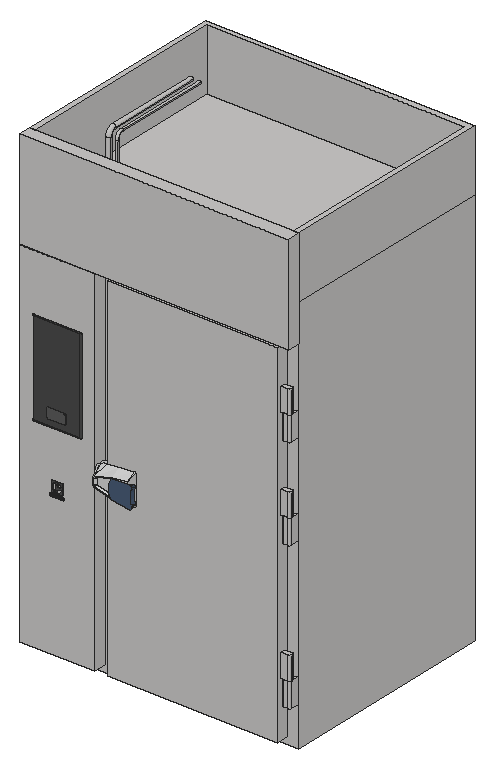
Revit family "QF_ELECTROLUXPROFESSIONAL_727758_EBFA22RQ", category Specialty Equipment, Revit 2018
Family settings
  Round Connector Dimension = Use Radius
  Part Type = Normal
  Work Plane-Based = No
  Always vertical = Yes
  Cut with Voids When Loaded = No
  Shared = Yes
  Room Calculation Point = No
Parameters
  Weight = 0.00 kg
  Watts = 0 W
  Volts = 208 V
  URL Manufacturer = "http://professional.electrolux.com"
  URL = "http://professional.electrolux.com"
  Steam Supply Size = 0"
  Steam Supply Minimum Pressure = 0.00 psi
  Steam Supply Maximum Pressure = 0.00 psi
  Steam Pounds per Hour = 0
  Show Logo [instance] = yes
  Refrigeration Suction Line Size = 0"
  Refrigeration Liquid Line Size = 0"
  Refrigerant Compressor Remote = yes
  Phase = 3
  Model = "EBFA22RQ"
  Manufacturer = "Electrolux"
  Length Actual = 1400 mm  # constant formula
  Item Number = "727758"
  Hot Water Size = 0"
  Height Actual = 2400 mm  # constant formula
  HP = "9 HP"
  Gas Size = 0"
  Gas KW = 0
  Gas Input Pressure = 0.0 Btu/h
  Direct Waste Size = 3/4"
  Description = "BCF 180KG 20GN2/1 LW REM 208/60 US-USB"
  Depth Actual = 1266 mm  # constant formula
  Cycle = 60 Hz
  Condensate Return Size = 0"
  Compressed Air Volume = 0 GPM
  Compressed Air Size = 0"
  Compressed Air Pressure = 0.00 psi
  Cold Water Size = 0"
  Assembly Code = ""
  Show Clearance [instance] = yes
  Accessory = yes
Reference planes
  plane 1 "BACK": y = 1
  plane 2: z = 0
  plane 3 "LEFT": x = 0
  plane 4 "RIGHT": x = 1400
  plane 5 "FRONT": y = -1205
  plane 6 "TOP": z = 2400
  plane 7 "Center Y": x = 700
  plane 8: y = -2155
  plane 9: y = -602
Forms (mm)
  Extrusion 1, solid, material "QF_Clearance", visible <- "Show Clearance", detail levels coarse
    sketch origin (0, 0, -70) x (1, 0, 0) y (0, 1, 0)
      loop
        line (0, -1205) -> (0, 1) -> (1400, 1) -> (1400, -1205) -> (1500, -1205) -> (1500, 101) -> (-100, 101) -> (-100, -1205) -> (0, -1205)
    from 70 to 2670
  Extrusion 2, solid, material "QF_Finishes_Stainless Steel"
    sketch origin (349.253, 33, 630.991) x (-1, 0, 0) y (0, -1, 0)
      loop
        line (349.253, 1172.759) -> (349.253, 1238) -> (-39.747, 1238) -> (-39.747, 1172.759) -> (349.253, 1172.759)
    from -597 to 1254
  Extrusion 3, solid, material "QF_Finishes_Stainless Steel"
    sketch origin (596.16, 27.971, -70) x (1, 0, 0) y (0, 1, 0)
      loop
        line (743.84, -1172.971) -> (-141.16, -1172.971) -> (-141.16, -1232.971) -> (743.84, -1232.971) -> (743.84, -1172.971)
    from 103.991 to 1945.25
  Extrusion 4, solid, material "QF_Door-Drawer Clearances", visible <- "Show Clearance", detail levels coarse
    sketch origin (875, -72.029, -91.802) x (-1, 0, 0) y (0, -1, 0)
      loop
        line (-465, 2025.971) -> (-465, 1132.971) -> (420, 1132.971)
        arc (420, 1132.971) -> (153.836, 1754.227) -> (-465, 2025.971) r 920
    from 125.793 to 1967.052
  Extrusion 5, solid, material "QF_Finishes_Stainless Steel"
    sketch origin (0, -1139.759, 0) x (0, 1, 0) y (-1, 0, 0)
      loop
        line (1140.759, 0) -> (0.759, 0) -> (0.759, -1400) -> (1140.759, -1400) -> (1140.759, 0)
    from 0 to 2080
  Extrusion 6, solid, material "QF_Finishes_Stainless Steel"
    sketch origin (0, 0, -70) x (0, 1, 0) y (0, 0, 1)
      loop
        line (-1139, 2470) -> (-1205, 2470) -> (-1205, 1956) -> (-1139, 1956) -> (-1139, 2470)
    from 0 to 1400
  Extrusion 7, solid, material "QF_Finishes_Stainless Steel"
    sketch origin (0, -1139.759, 2080) x (0, 1, 0) y (-1, 0, 0)
      loop
        line (1140.759, 0) -> (0.759, 0) -> (0.759, -27.807) -> (1112.952, -27.807) -> (1112.952, -1372.193) -> (0.759, -1372.193) -> (0.759, -1400) -> (1140.759, -1400) -> (1140.759, 0)
    from 0 to 320
  Extrusion 8, solid, material "QF_Clearance", visible <- "Show Clearance", detail levels coarse
    sketch origin (0, 0, 2400) x (-1, 0, 0) y (0, -1, 0)
      loop
        line (0, 1205) -> (-1400, 1205) -> (-1400, -1) -> (0, -1) -> (0, 1205)
    from 0 to 200
  Extrusion 9, solid, material "QF_Finishes_Stainless Steel"
    sketch origin (-390.239, -0.977, 1172.559) x (1, 0, 0) y (0, 1, 0)
      loop
        line (1730.239, -1159.557) -> (1730.239, -1186.759) -> (1771.078, -1186.759)
        arc (1771.078, -1186.759) -> (1778.149, -1183.83) -> (1781.078, -1176.759) r 10
        line (1781.078, -1176.759) -> (1781.078, -1169.557)
        arc (1781.078, -1169.557) -> (1778.149, -1162.486) -> (1771.078, -1159.557) r 10
        line (1771.078, -1159.557) -> (1730.239, -1159.557)
    from 398 to 516
  Extrusion 10, solid, material "QF_Finishes_Stainless Steel"
    sketch origin (-388.989, -0.977, 1172.559) x (1, 0, 0) y (0, 1, 0)
      loop
        line (1779.828, -1138.023) -> (1738.215, -1138.023) -> (1738.215, -1176.759)
        arc (1738.215, -1176.759) -> (1741.143, -1183.83) -> (1748.215, -1186.759) r 10
        line (1748.215, -1186.759) -> (1769.828, -1186.759)
        arc (1769.828, -1186.759) -> (1776.899, -1183.83) -> (1779.828, -1176.759) r 10
        line (1779.828, -1176.759) -> (1779.828, -1138.023)
    from 269 to 396
  Extrusion 11, solid, material "QF_Finishes_Handrails and Railings"
    sketch origin (0, -1205, -139.705) x (-1, 0, 0) y (0, 0, 1)
      loop
        arc (-455, 1022.346) -> (-433.392, 1027.289) -> (-413, 1035.976) r 124.815
        arc (-413, 1035.976) -> (-402.037, 1046.425) -> (-398, 1061.023) r 28.412
        line (-398, 1061.023) -> (-398, 1124.287)
        arc (-398, 1124.287) -> (-402.037, 1138.885) -> (-413, 1149.334) r 28.412
        arc (-413, 1149.334) -> (-433.392, 1158.021) -> (-455, 1162.964) r 124.815
        line (-455, 1162.964) -> (-455, 1022.346)
    from 0 to 25
  Extrusion 12, solid, material "QF_Finishes_Stainless Steel"
    sketch origin (0, 1, -70) x (1, 0, 0) y (0, 0, 1)
      loop
        circle (50.191, 2279.706) r 10
    from -2 to 0
  Extrusion 13, solid
    sketch origin (0, 0, -70) x (1, 0, 0) y (0, 1, 0)
      loop
        circle (271, -895) r 12.7
    from 180 to 190
  Sweep 14, solid, material "QF_Finishes_Stainless Steel"
    path in 3D
      loop
        line (196, -872.727, 2090) -> (196, -872.727, 2314.785)
        arc (196, -872.727, 2314.785) -> (196, -863.94, 2335.999) -> (196, -842.727, 2344.785) r 30
        line (196, -842.727, 2344.785) -> (196, -337, 2344.785)
    profile origin (196, -589.864, 2344.785) x (-1, 0, 0) y (0, 0, 1)
      loop
        circle (0, -0.785) r 11
  Sweep 15, solid, material "QF_Finishes_Stainless Steel"
    path in 3D
      loop
        line (239, -337, 2344) -> (239, -842.727, 2344)
        arc (239, -842.727, 2344) -> (239, -863.94, 2335.213) -> (239, -872.727, 2314) r 30
        line (239, -872.727, 2314) -> (239, -872.727, 2090)
    profile origin (239, -589.864, 2344) x (1, 0, 0) y (0, 0, 1)
      loop
        circle (0, 0) r 6
  Extrusion 16, solid, material "QF_Finishes_Stainless Steel"
    sketch origin (0, -1139.759, 2080) x (0, 1, 0) y (-1, 0, 0)
      loop
        line (272.791, -163.68) -> (262.791, -163.68)
        arc (262.791, -163.68) -> (252.185, -168.074) -> (247.791, -178.68) r 15
        line (247.791, -178.68) -> (247.791, -270.358)
        arc (247.791, -270.358) -> (252.185, -280.965) -> (262.791, -285.358) r 15
        line (262.791, -285.358) -> (272.791, -285.358)
        arc (272.791, -285.358) -> (283.398, -280.965) -> (287.791, -270.358) r 15
        line (287.791, -270.358) -> (287.791, -178.68)
        arc (287.791, -178.68) -> (283.398, -168.074) -> (272.791, -163.68) r 15
    from 0 to 10
  Blend 17, solid, material "QF_Finishes_Handrails and Railings"
    base sketch origin (0, -1205, -139.705) x (1, 0, 0) y (0, 0, 1)
      loop
        arc (455, 1162.964) -> (433.392, 1158.021) -> (413, 1149.334) r 124.815
        arc (413, 1149.334) -> (402.037, 1138.885) -> (398, 1124.287) r 28.412
        line (398, 1124.287) -> (398, 1061.023)
        arc (398, 1061.023) -> (402.037, 1046.425) -> (413, 1035.976) r 28.412
        arc (413, 1035.976) -> (433.392, 1027.289) -> (455, 1022.346) r 124.815
        arc (455, 1022.346) -> (524.77, 1014.896) -> (594.859, 1011.587) r 1185.63
        arc (594.859, 1011.587) -> (600.607, 1013.879) -> (603, 1019.586) r 8
        line (603, 1019.586) -> (603, 1165.724)
        arc (603, 1165.724) -> (600.607, 1171.431) -> (594.859, 1173.723) r 8
        arc (594.859, 1173.723) -> (524.77, 1170.414) -> (455, 1162.964) r 1185.63
    top sketch origin (0, -1205, -139.705) x (1, 0, 0) y (0, 0, 1)
      loop
        line (421, 1108.337) -> (421, 1076.973)
        arc (421, 1076.973) -> (423.295, 1069.915) -> (429.302, 1065.557) r 12
        arc (429.302, 1065.557) -> (515.086, 1044.22) -> (603, 1034.974) r 636.459
        line (603, 1034.974) -> (603, 1150.336)
        arc (603, 1150.336) -> (515.086, 1141.09) -> (429.302, 1119.753) r 636.459
        arc (429.302, 1119.753) -> (423.295, 1115.395) -> (421, 1108.337) r 12
    from 0 to 50
  Blend 18, void
    base sketch origin (0, -1255, -139.705) x (-1, 0, 0) y (0, 0, 1)
      loop
        arc (-430.843, 1114.996) -> (-515.866, 1136.151) -> (-603, 1145.333) r 631.459
        line (-603, 1145.333) -> (-603, 1039.977)
        arc (-603, 1039.977) -> (-515.866, 1049.159) -> (-430.843, 1070.314) r 631.459
        arc (-430.843, 1070.314) -> (-427.339, 1072.856) -> (-426, 1076.973) r 7
        line (-426, 1076.973) -> (-426, 1108.337)
        arc (-426, 1108.337) -> (-427.339, 1112.454) -> (-430.843, 1114.996) r 7
    top sketch origin (0, -1255, -139.705) x (-1, 0, 0) y (0, 0, 1)
      loop
        arc (-432.384, 1110.24) -> (-516.647, 1131.211) -> (-603, 1140.33) r 626.459
        line (-603, 1140.33) -> (-603, 1044.98)
        arc (-603, 1044.98) -> (-516.647, 1054.099) -> (-432.384, 1075.07) r 626.459
        arc (-432.384, 1075.07) -> (-431.382, 1075.797) -> (-431, 1076.973) r 2
        line (-431, 1076.973) -> (-431, 1108.337)
        arc (-431, 1108.337) -> (-431.382, 1109.513) -> (-432.384, 1110.24) r 2
    from 0 to 10
  Blend 19, solid, material "QF_Finishes_Electrolux_Blue"
    base sketch origin (0, -1245, -139.705) x (1, 0, 0) y (0, 0, 1)
      loop
        arc (628.567, 1043.419) -> (622.014, 1092.655) -> (628.567, 1141.89) r 188.232
        arc (628.567, 1141.89) -> (627.358, 1147.991) -> (621.77, 1150.721) r 7
        arc (621.77, 1150.721) -> (572.304, 1148.509) -> (523.16, 1142.458) r 636.459
        arc (523.16, 1142.458) -> (507.711, 1092.655) -> (523.16, 1042.852) r 88
        arc (523.16, 1042.852) -> (572.304, 1036.801) -> (621.77, 1034.589) r 636.459
        arc (621.77, 1034.589) -> (627.358, 1037.319) -> (628.567, 1043.419) r 7
    top sketch origin (0, -1245, -139.705) x (1, 0, 0) y (0, 0, 1)
      loop
        arc (626.748, 1050.703) -> (622.014, 1092.655) -> (626.748, 1134.607) r 188.232
        arc (626.748, 1134.607) -> (625.775, 1138.85) -> (621.845, 1140.722) r 5
        arc (621.845, 1140.722) -> (569.023, 1138.185) -> (516.603, 1131.203) r 626.459
        arc (516.603, 1131.203) -> (507.711, 1092.655) -> (516.603, 1054.107) r 88
        arc (516.603, 1054.107) -> (569.023, 1047.124) -> (621.845, 1044.588) r 626.459
        arc (621.845, 1044.588) -> (625.775, 1046.46) -> (626.748, 1050.703) r 5
    from 20 to 0
  Extrusion 20, solid, material "QF_Finishes_Stainless Steel"
    sketch origin (-390.239, -0.977, 692.559) x (1, 0, 0) y (0, 1, 0)
      loop
        line (1730.239, -1159.557) -> (1730.239, -1186.759) -> (1771.078, -1186.759)
        arc (1771.078, -1186.759) -> (1778.149, -1183.83) -> (1781.078, -1176.759) r 10
        line (1781.078, -1176.759) -> (1781.078, -1169.557)
        arc (1781.078, -1169.557) -> (1778.149, -1162.486) -> (1771.078, -1159.557) r 10
        line (1771.078, -1159.557) -> (1730.239, -1159.557)
    from 398 to 516
  Extrusion 21, solid, material "QF_Finishes_Stainless Steel"
    sketch origin (-388.989, -0.977, 692.559) x (1, 0, 0) y (0, 1, 0)
      loop
        line (1779.828, -1138.023) -> (1738.215, -1138.023) -> (1738.215, -1176.759)
        arc (1738.215, -1176.759) -> (1741.143, -1183.83) -> (1748.215, -1186.759) r 10
        line (1748.215, -1186.759) -> (1769.828, -1186.759)
        arc (1769.828, -1186.759) -> (1776.899, -1183.83) -> (1779.828, -1176.759) r 10
        line (1779.828, -1176.759) -> (1779.828, -1138.023)
    from 269 to 396
  Extrusion 22, solid, material "QF_Finishes_Stainless Steel"
    sketch origin (-390.239, -0.977, -67.441) x (1, 0, 0) y (0, 1, 0)
      loop
        line (1730.239, -1159.557) -> (1730.239, -1186.759) -> (1771.078, -1186.759)
        arc (1771.078, -1186.759) -> (1778.149, -1183.83) -> (1781.078, -1176.759) r 10
        line (1781.078, -1176.759) -> (1781.078, -1169.557)
        arc (1781.078, -1169.557) -> (1778.149, -1162.486) -> (1771.078, -1159.557) r 10
        line (1771.078, -1159.557) -> (1730.239, -1159.557)
    from 398 to 516
  Extrusion 23, solid, material "QF_Finishes_Stainless Steel"
    sketch origin (-388.989, -0.977, -67.441) x (1, 0, 0) y (0, 1, 0)
      loop
        line (1779.828, -1138.023) -> (1738.215, -1138.023) -> (1738.215, -1176.759)
        arc (1738.215, -1176.759) -> (1741.143, -1183.83) -> (1748.215, -1186.759) r 10
        line (1748.215, -1186.759) -> (1769.828, -1186.759)
        arc (1769.828, -1186.759) -> (1776.899, -1183.83) -> (1779.828, -1176.759) r 10
        line (1779.828, -1176.759) -> (1779.828, -1138.023)
    from 269 to 396
  Extrusion 24, solid, material "QF_Door-Drawer Clearances", visible <- "Show Clearance", detail levels coarse
    sketch origin (167.029, -1956.84, -70) x (0, 1, 0) y (-1, 0, 0)
      loop
        line (751.84, -1172.971) -> (-141.16, -1172.971) -> (-141.16, -1232.971) -> (751.84, -1232.971) -> (751.84, -1172.971)
    from 103.991 to 1945.25
  Extrusion 25, solid, material "QF_Door-Drawer Clearances", visible <- "Show Clearance", detail levels coarse
    sketch origin (1400, -2553, -139.705) x (0, -1, 0) y (0, 0, 1)
      loop
        arc (-455, 1022.346) -> (-433.392, 1027.289) -> (-413, 1035.976) r 124.815
        arc (-413, 1035.976) -> (-402.037, 1046.425) -> (-398, 1061.023) r 28.412
        line (-398, 1061.023) -> (-398, 1124.287)
        arc (-398, 1124.287) -> (-402.037, 1138.885) -> (-413, 1149.334) r 28.412
        arc (-413, 1149.334) -> (-433.392, 1158.021) -> (-455, 1162.964) r 124.815
        line (-455, 1162.964) -> (-455, 1022.346)
    from 0 to 25
  Blend 26, solid, material "QF_Door-Drawer Clearances", visible <- "Show Clearance", detail levels coarse
    base sketch origin (1400, -2553, -139.705) x (0, 1, 0) y (0, 0, 1)
      loop
        arc (455, 1162.964) -> (433.392, 1158.021) -> (413, 1149.334) r 124.815
        arc (413, 1149.334) -> (402.037, 1138.885) -> (398, 1124.287) r 28.412
        line (398, 1124.287) -> (398, 1061.023)
        arc (398, 1061.023) -> (402.037, 1046.425) -> (413, 1035.976) r 28.412
        arc (413, 1035.976) -> (433.392, 1027.289) -> (455, 1022.346) r 124.815
        arc (455, 1022.346) -> (524.77, 1014.896) -> (594.859, 1011.587) r 1185.63
        arc (594.859, 1011.587) -> (600.607, 1013.879) -> (603, 1019.586) r 8
        line (603, 1019.586) -> (603, 1165.724)
        arc (603, 1165.724) -> (600.607, 1171.431) -> (594.859, 1173.723) r 8
        arc (594.859, 1173.723) -> (524.77, 1170.414) -> (455, 1162.964) r 1185.63
    top sketch origin (1400, -2553, -139.705) x (0, 1, 0) y (0, 0, 1)
      loop
        line (421, 1108.337) -> (421, 1076.973)
        arc (421, 1076.973) -> (423.295, 1069.915) -> (429.302, 1065.557) r 12
        arc (429.302, 1065.557) -> (515.086, 1044.22) -> (603, 1034.974) r 636.459
        line (603, 1034.974) -> (603, 1150.336)
        arc (603, 1150.336) -> (515.086, 1141.09) -> (429.302, 1119.753) r 636.459
        arc (429.302, 1119.753) -> (423.295, 1115.395) -> (421, 1108.337) r 12
    from 0 to 50
  Blend 27, void
    base sketch origin (1450, -2553, -139.705) x (0, -1, 0) y (0, 0, 1)
      loop
        arc (-430.843, 1114.996) -> (-515.866, 1136.151) -> (-603, 1145.333) r 631.459
        line (-603, 1145.333) -> (-603, 1039.977)
        arc (-603, 1039.977) -> (-515.866, 1049.159) -> (-430.843, 1070.314) r 631.459
        arc (-430.843, 1070.314) -> (-427.339, 1072.856) -> (-426, 1076.973) r 7
        line (-426, 1076.973) -> (-426, 1108.337)
        arc (-426, 1108.337) -> (-427.339, 1112.454) -> (-430.843, 1114.996) r 7
    top sketch origin (1450, -2553, -139.705) x (0, -1, 0) y (0, 0, 1)
      loop
        arc (-432.384, 1110.24) -> (-516.647, 1131.211) -> (-603, 1140.33) r 626.459
        line (-603, 1140.33) -> (-603, 1044.98)
        arc (-603, 1044.98) -> (-516.647, 1054.099) -> (-432.384, 1075.07) r 626.459
        arc (-432.384, 1075.07) -> (-431.382, 1075.797) -> (-431, 1076.973) r 2
        line (-431, 1076.973) -> (-431, 1108.337)
        arc (-431, 1108.337) -> (-431.382, 1109.513) -> (-432.384, 1110.24) r 2
    from 0 to 10
  Blend 28, solid, material "QF_Door-Drawer Clearances", visible <- "Show Clearance", detail levels coarse
    base sketch origin (1440, -2553, -139.705) x (0, 1, 0) y (0, 0, 1)
      loop
        arc (628.567, 1043.419) -> (622.014, 1092.655) -> (628.567, 1141.89) r 188.232
        arc (628.567, 1141.89) -> (627.358, 1147.991) -> (621.77, 1150.721) r 7
        arc (621.77, 1150.721) -> (572.304, 1148.509) -> (523.16, 1142.458) r 636.459
        arc (523.16, 1142.458) -> (507.711, 1092.655) -> (523.16, 1042.852) r 88
        arc (523.16, 1042.852) -> (572.304, 1036.801) -> (621.77, 1034.589) r 636.459
        arc (621.77, 1034.589) -> (627.358, 1037.319) -> (628.567, 1043.419) r 7
    top sketch origin (1440, -2553, -139.705) x (0, 1, 0) y (0, 0, 1)
      loop
        arc (626.748, 1050.703) -> (622.014, 1092.655) -> (626.748, 1134.607) r 188.232
        arc (626.748, 1134.607) -> (625.775, 1138.85) -> (621.845, 1140.722) r 5
        arc (621.845, 1140.722) -> (569.023, 1138.185) -> (516.603, 1131.203) r 626.459
        arc (516.603, 1131.203) -> (507.711, 1092.655) -> (516.603, 1054.107) r 88
        arc (516.603, 1054.107) -> (569.023, 1047.124) -> (621.845, 1044.588) r 626.459
        arc (621.845, 1044.588) -> (625.775, 1046.46) -> (626.748, 1050.703) r 5
    from 20 to -1
Cuts and joins
  Blend 18 cuts Blend 17
  joined: Extrusion 11, Blend 17
  Blend 18 cuts Extrusion 4
  Blend 27 cuts Blend 26
  Blend 27 cuts Blend 28
  joined: Extrusion 4, Extrusion 24, Extrusion 25, Blend 26, Blend 28
  joined: Extrusion 7, Extrusion 12
  joined: Extrusion 5, Extrusion 10, Sweep 14, Sweep 15, Extrusion 16, Extrusion 21, Extrusion 23
  joined: Extrusion 3, Extrusion 9, Extrusion 20, Extrusion 22
  joined: Extrusion 1, Extrusion 8
Lines and regions (mm)
  symbolic lines, style "QF-Clearances", visible <- "Show Clearance", detail levels coarse
    curve 1: line (-100, -1204.241, 70) -> (-100, 101, 70)
    curve 2: line (-100, 101, 70) -> (1500, 101, 70)
    curve 3: line (1500, 101, 70) -> (1500, -1204.241, 70)
  symbolic lines
    curve 4: line (185, -336.968, 70) -> (207, -336.968, 70)
    curve 5: line (207, -336.968, 70) -> (207, -871.942, 70)
    curve 6: line (233, -872.727, 70) -> (233, -337, 70)
    curve 7: line (233, -337, 70) -> (245, -337, 70)
    curve 8: line (245, -337, 70) -> (245, -872.727, 70)
    curve 9: line (245, -851.968, 70) -> (270.358, -851.968, 70)
    curve 10: arc (285.358, -866.968, 70) -> (280.965, -856.361, 70) -> (270.358, -851.968, 70) r 15
    curve 11: line (285.358, -876.968, 70) -> (285.358, -866.968, 70)
    curve 12: arc (270.358, -891.968, 70) -> (280.965, -887.575, 70) -> (285.358, -876.968, 70) r 15
    curve 13: line (178.68, -891.968, 70) -> (270.358, -891.968, 70)
    curve 14: arc (163.68, -876.968, 70) -> (168.074, -887.575, 70) -> (178.68, -891.968, 70) r 15
    curve 15: line (163.68, -866.968, 70) -> (163.68, -876.968, 70)
    curve 16: arc (178.68, -851.968, 70) -> (168.074, -856.361, 70) -> (163.68, -866.968, 70) r 15
    curve 17: arc (207, -871.942, 70) -> (196, -882.942, 70) -> (185, -871.942, 70) r 11
    curve 18: arc (233, -872.727, 70) -> (239, -878.727, 70) -> (245, -872.727, 70) r 6
    curve 19: line (178.68, -851.968, 70) -> (185, -851.968, 70)
    curve 20: line (185, -336.968, 70) -> (185, -871.942, 70)
    curve 21: line (207, -851.968, 70) -> (233, -851.968, 70)
    curve 22: line (0, 1, 70) -> (1400, 1, 70)
    curve 23: line (0, -1205, 70) -> (0, 1, 70)
    curve 24: line (1400, -1205, 70) -> (0, -1205, 70)
    curve 25: line (1400, 1, 70) -> (1400, -1205, 70)
    curve 26: line (27.807, -26.807, 70) -> (1372.193, -26.807, 70)
    curve 27: line (27.807, -1139, 70) -> (27.807, -26.807, 70)
    curve 28: line (1400, -1139, 70) -> (0, -1139, 70)
    curve 29: line (1372.193, -26.807, 70) -> (1372.193, -1139, 70)
    curve 30: line (75.5, -1210, 70) -> (313.5, -1210, 70)
    curve 31: line (75.5, -1210, 70) -> (67.5, -1205, 70)
    curve 32: line (313.5, -1210, 70) -> (321.5, -1205, 70)
    curve 33: line (421, -1255, 70) -> (398, -1205, 70)
    curve 34: line (421, -1255, 70) -> (603, -1255, 70)
    curve 35: line (603, -1255, 70) -> (603, -1205, 70)
    curve 36: line (603, -1245, 70) -> (626.748, -1245, 70)
    curve 37: line (626.748, -1245, 70) -> (628.811, -1265, 70)
    curve 38: line (628.811, -1265, 70) -> (507.711, -1265, 70)
    curve 39: line (507.711, -1265, 70) -> (507.711, -1255, 70)
  symbolic lines, style "QF_Door-Drawer Clearances", visible <- "Show Clearance"
    curve 40: line (1450, -2132, 70) -> (1400, -2155, 70)
    curve 41: line (1450, -2132, 70) -> (1450, -1950, 70)
    curve 42: line (1450, -1950, 70) -> (1400, -1950, 70)
    curve 43: line (1439, -1950, 70) -> (1439, -1926.126, 70)
    curve 44: line (1439, -1926.126, 70) -> (1460, -1924.189, 70)
    curve 45: line (1460, -1924.189, 70) -> (1460, -2045.289, 70)
    curve 46: line (1460, -2045.289, 70) -> (1450, -2045.289, 70)
    curve 47: line (1375, -2098, 70) -> (1375, -2155, 70)
    curve 48: line (1340, -2098, 70) -> (1400, -2098, 70)
    curve 49: arc (457.796, -1255, 70) -> (739.031, -1843.801, 70) -> (1340, -2098, 70) r 920
    curve 50: line (1400, -2155, 70) -> (1375, -2155, 70)
    curve 51: line (1400, -2098, 70) -> (1400, -1205, 70)
    curve 58: line (1340, -2098, 70) -> (1340, -1205, 70)
  sketch lines
    curve 52: line (196, -842.727, 2344.785) -> (196, -337, 2344.785)
    curve 53: arc (196, -872.727, 2314.785) -> (196, -863.94, 2335.999) -> (196, -842.727, 2344.785) r 30
    curve 54: line (196, -872.727, 2090) -> (196, -872.727, 2314.785)
    curve 55: line (239, -337, 2344) -> (239, -842.727, 2344)
    curve 56: arc (239, -842.727, 2344) -> (239, -863.94, 2335.213) -> (239, -872.727, 2314) r 30
    curve 57: line (239, -872.727, 2314) -> (239, -872.727, 2090)
Dimensions and locks
  plane 5 "FRONT" to plane 1 "BACK" = 1206 mm
  plane 6 "TOP" to level = 2400 mm
  plane 4 "RIGHT" to plane 3 "LEFT" = 1400 mm
  plane 3 "LEFT" to plane 4 "RIGHT" = 1400 mm
  equal spacing: plane 3 "LEFT", plane 7 "Center Y", plane 4 "RIGHT"
  plane 1 "BACK" to plane 5 "FRONT" = 1206 mm
  aligned and locked: level to plane 2
Automatic sketch dimensions
  plane 5 "FRONT" to Extrusion 1 sketch curve = 0 mm  (x2)
  Extrusion 1 sketch curve to plane 3 "LEFT" = 0 mm
  plane 1 "BACK" to Extrusion 1 sketch curve = 0 mm
  Extrusion 1 sketch curve to plane 4 "RIGHT" = 0 mm
  Extrusion 1 sketch curve to plane 3 "LEFT" = 100 mm
  plane 4 "RIGHT" to Extrusion 1 sketch curve = 100 mm
  Extrusion 1 sketch curve to plane 1 "BACK" = 100 mm
  plane 5 "FRONT" to Extrusion 2 sketch curve = 0 mm
  Extrusion 2 sketch curve to plane 3 "LEFT" = 0 mm
  Extrusion 2 sketch curve to plane 5 "FRONT" = 65.241 mm
  plane 5 "FRONT" to Extrusion 3 sketch curve = 0 mm
  Extrusion 3 sketch curve to plane 5 "FRONT" = 60 mm
  Extrusion 3 sketch curve to plane 4 "RIGHT" = 60 mm
  plane 5 "FRONT" to Extrusion 4 sketch curve = 0 mm
  Extrusion 4 sketch curve to plane 4 "RIGHT" = 25.377 mm
  Extrusion 4 sketch curve to Extrusion 4 sketch curve = 34.623 mm
  Extrusion 4 sketch curve to plane 5 "FRONT" = 26.348 mm
  Extrusion 5 sketch curve to plane 3 "LEFT" = 0 mm
  Extrusion 5 sketch curve to plane 4 "RIGHT" = 0 mm
  plane 1 "BACK" to Extrusion 5 sketch curve = 0 mm
  Extrusion 5 sketch curve to plane 5 "FRONT" = 66 mm
  Extrusion 6 sketch curve to plane 5 "FRONT" = 0 mm
  Extrusion 6 sketch curve to plane 5 "FRONT" = 66 mm
  Extrusion 6 sketch curve to plane 6 "TOP" = 514 mm
  plane 6 "TOP" to Extrusion 6 sketch curve = 0 mm
  Extrusion 5 to Extrusion 7 sketch curve = 0 mm
  Extrusion 7 sketch curve to Extrusion 5 = 0 mm  (x4)
  Extrusion 7 sketch curve to Extrusion 5 = 27.807 mm  (x3)
  Extrusion 8 sketch curve to plane 4 "RIGHT" = 0 mm
  plane 1 "BACK" to Extrusion 8 sketch curve = 0 mm
  Extrusion 8 sketch curve to plane 3 "LEFT" = 0 mm
  plane 5 "FRONT" to Extrusion 8 sketch curve = 0 mm
  Extrusion 9 sketch curve to plane 5 "FRONT" = 17.264 mm
  Extrusion 9 sketch curve to plane 4 "RIGHT" = 60 mm
  Extrusion 9 sketch curve to plane 4 "RIGHT" = 19.161 mm
  Extrusion 9 sketch curve to Extrusion 9 sketch curve = 0 mm
  Extrusion 9 sketch curve to plane 4 "RIGHT" = 9.161 mm
  Extrusion 9 sketch curve to Extrusion 9 sketch curve = 7.202 mm
  Extrusion 10 sketch curve to plane 5 "FRONT" = 27.264 mm
  Extrusion 10 sketch curve to plane 4 "RIGHT" = 50.775 mm
  Extrusion 10 sketch curve to Extrusion 10 sketch curve = 10 mm
  Extrusion 10 sketch curve to plane 4 "RIGHT" = 19.161 mm
  Extrusion 10 sketch curve to plane 4 "RIGHT" = 9.161 mm
  Extrusion 10 sketch curve to Extrusion 10 sketch curve = 38.736 mm
  plane 7 "Center Y" to Extrusion 11 sketch curve = 228.081 mm
  Extrusion 11 sketch curve to Extrusion 11 sketch curve = 0 mm
  Extrusion 11 sketch curve to Extrusion 11 sketch curve = 16.919 mm
  Extrusion 11 sketch curve to Extrusion 11 sketch curve = 28.588 mm  (x2)
  Extrusion 11 sketch curve to Extrusion 11 sketch curve = 28.412 mm
  level to Extrusion 11 sketch curve = 882.641 mm
  Extrusion 11 sketch curve to Extrusion 11 sketch curve = 16.954 mm  (x2)
  Extrusion 11 sketch curve to Extrusion 11 sketch curve = 38.676 mm
  Extrusion 11 sketch curve to Extrusion 11 sketch curve = 63.265 mm
  Extrusion 11 sketch curve to Extrusion 11 sketch curve = 21.722 mm
  plane 3 "LEFT" to Extrusion 12 sketch curve = 50.191 mm
  Extrusion 12 sketch curve to plane 6 "TOP" = 190.294 mm
  Extrusion 13 sketch curve to plane 9 = 293 mm
  Sweep 14 sketch curve to profile plane = 0 mm
  Sweep 14 sketch curve to profile plane = 0.785 mm
  profile plane to Sweep 15 sketch curve = 0 mm
  Sweep 15 sketch curve to profile plane = 0 mm
  Extrusion 16 sketch curve to Extrusion 5 = 247.032 mm
  Extrusion 16 sketch curve to Extrusion 16 sketch curve = 15 mm  (x3)
  Extrusion 16 sketch curve to Extrusion 16 sketch curve = 10 mm  (x2)
  Extrusion 16 sketch curve to Extrusion 5 = 285.358 mm
  Extrusion 16 sketch curve to Extrusion 16 sketch curve = 91.678 mm
  Blend 17 sketch curve to Extrusion 11 = 0 mm  (x4)
  Blend 17 sketch curve to Extrusion 11 = 28.412 mm
  Blend 17 sketch curve to Blend 17 sketch curve = 123.081 mm  (x2)
  Blend 17 sketch curve to Blend 17 sketch curve = 8 mm
  Extrusion 11 to Blend 17 sketch curve = 160.712 mm  (x2)
  Blend 17 sketch curve to Blend 17 sketch curve = 19.715 mm  (x2)
  Blend 17 sketch curve to Blend 17 sketch curve = 38.676 mm
  Blend 17 sketch curve to Extrusion 11 = 23 mm
  Blend 17 sketch curve to Blend 17 sketch curve = 12 mm  (x2)
  Extrusion 11 to Blend 17 sketch curve = 148 mm
  Extrusion 11 to Blend 17 sketch curve = 170.45 mm  (x2)
  Blend 17 sketch curve to Blend 17 sketch curve = 520.701 mm  (x2)
  Blend 17 sketch curve to Blend 17 sketch curve = 41.999 mm
  Blend 17 sketch curve to Blend 17 sketch curve = 31.364 mm
  Blend 17 sketch curve to Blend 17 sketch curve = 115.362 mm
  Blend 17 to Blend 18 sketch curve = 0 mm  (x2)
  Blend 18 sketch curve to Blend 18 sketch curve = 7 mm
  Blend 18 sketch curve to Blend 18 sketch curve = 31.364 mm  (x2)
  Blend 18 sketch curve to Blend 18 sketch curve = 2 mm
  Blend 18 to Blend 19 sketch curve = 18.811 mm  (x2)
  Blend 19 sketch curve to Blend 18 = 7.289 mm  (x2)
  Blend 19 sketch curve to Blend 19 sketch curve = 188.435 mm
  Blend 19 sketch curve to Blend 19 sketch curve = 7 mm  (x2)
  Blend 19 sketch curve to Blend 19 sketch curve = 51.066 mm  (x2)
  Blend 19 sketch curve to Blend 19 sketch curve = 0 mm  (x6)
  Blend 19 sketch curve to Blend 18 = 79.84 mm
  Blend 18 to Blend 19 sketch curve = 18.874 mm  (x2)
  Blend 19 sketch curve to Blend 19 sketch curve = 188.371 mm
  Blend 19 sketch curve to Blend 19 sketch curve = 5 mm  (x2)
  Blend 19 sketch curve to Blend 19 sketch curve = 43.067 mm  (x2)
  Blend 19 sketch curve to Blend 18 = 85.603 mm
  Extrusion 20 sketch curve to plane 5 "FRONT" = 17.264 mm
  Extrusion 20 sketch curve to plane 4 "RIGHT" = 60 mm
  Extrusion 20 sketch curve to plane 4 "RIGHT" = 19.161 mm
  Extrusion 20 sketch curve to Extrusion 20 sketch curve = 0 mm
  Extrusion 20 sketch curve to plane 4 "RIGHT" = 9.161 mm
  Extrusion 20 sketch curve to Extrusion 20 sketch curve = 7.202 mm
  Extrusion 21 sketch curve to plane 5 "FRONT" = 27.264 mm
  Extrusion 21 sketch curve to plane 4 "RIGHT" = 50.775 mm
  Extrusion 21 sketch curve to Extrusion 21 sketch curve = 10 mm
  Extrusion 21 sketch curve to plane 4 "RIGHT" = 19.161 mm
  Extrusion 21 sketch curve to plane 4 "RIGHT" = 9.161 mm
  Extrusion 21 sketch curve to Extrusion 21 sketch curve = 38.736 mm
  Extrusion 22 sketch curve to plane 5 "FRONT" = 17.264 mm
  Extrusion 22 sketch curve to plane 4 "RIGHT" = 60 mm
  Extrusion 22 sketch curve to plane 4 "RIGHT" = 19.161 mm
  Extrusion 22 sketch curve to Extrusion 22 sketch curve = 0 mm
  Extrusion 22 sketch curve to plane 4 "RIGHT" = 9.161 mm
  Extrusion 22 sketch curve to Extrusion 22 sketch curve = 7.202 mm
  Extrusion 23 sketch curve to plane 5 "FRONT" = 27.264 mm
  Extrusion 23 sketch curve to plane 4 "RIGHT" = 50.775 mm
  Extrusion 23 sketch curve to Extrusion 23 sketch curve = 10 mm
  Extrusion 23 sketch curve to plane 4 "RIGHT" = 19.161 mm
  Extrusion 23 sketch curve to plane 4 "RIGHT" = 9.161 mm
  Extrusion 23 sketch curve to Extrusion 23 sketch curve = 38.736 mm
  Extrusion 24 sketch curve to plane 4 "RIGHT" = 0 mm
  plane 5 "FRONT" to Extrusion 24 sketch curve = 0 mm
  Extrusion 24 sketch curve to plane 8 = 57 mm
  Extrusion 24 sketch curve to plane 4 "RIGHT" = 60 mm
  Extrusion 25 sketch curve to plane 8 = 0 mm
  Extrusion 25 sketch curve to Extrusion 25 sketch curve = 28.412 mm  (x2)
  Extrusion 25 sketch curve to Extrusion 25 sketch curve = 28.588 mm
  Extrusion 25 sketch curve to Extrusion 25 sketch curve = 16.919 mm  (x2)
  level to Extrusion 25 sketch curve = 882.641 mm
  Extrusion 25 sketch curve to Extrusion 25 sketch curve = 16.954 mm  (x2)
  Extrusion 25 sketch curve to Extrusion 25 sketch curve = 38.676 mm
  Extrusion 25 sketch curve to Extrusion 25 sketch curve = 63.265 mm
  Extrusion 25 sketch curve to Extrusion 25 sketch curve = 21.722 mm
  Blend 26 sketch curve to Extrusion 25 = 0 mm  (x4)
  Blend 26 sketch curve to Extrusion 25 = 28.412 mm
  Blend 26 sketch curve to Blend 26 sketch curve = 123.081 mm  (x2)
  Blend 26 sketch curve to Blend 26 sketch curve = 8 mm
  Extrusion 25 to Blend 26 sketch curve = 160.712 mm  (x2)
  Blend 26 sketch curve to Blend 26 sketch curve = 19.715 mm  (x2)
  Blend 26 sketch curve to Blend 26 sketch curve = 38.676 mm
  Blend 26 sketch curve to Extrusion 25 = 23 mm
  Blend 26 sketch curve to Blend 26 sketch curve = 12 mm  (x2)
  Extrusion 25 to Blend 26 sketch curve = 148 mm
  Extrusion 25 to Blend 26 sketch curve = 170.45 mm  (x2)
  Blend 26 sketch curve to Blend 26 sketch curve = 520.701 mm  (x2)
  Blend 26 sketch curve to Blend 26 sketch curve = 41.999 mm
  Blend 26 sketch curve to Blend 26 sketch curve = 31.364 mm
  Blend 26 sketch curve to Blend 26 sketch curve = 115.362 mm
  Blend 27 sketch curve to Blend 26 = 0 mm  (x2)
  Blend 27 sketch curve to Blend 27 sketch curve = 7 mm
  Blend 27 sketch curve to Blend 27 sketch curve = 31.364 mm  (x2)
  Blend 27 sketch curve to Blend 27 sketch curve = 2 mm
  Blend 27 to Blend 28 sketch curve = 18.811 mm  (x2)
  Blend 28 sketch curve to Blend 27 = 7.289 mm  (x2)
  Blend 28 sketch curve to Blend 28 sketch curve = 188.435 mm
  Blend 28 sketch curve to Blend 28 sketch curve = 7 mm  (x2)
  Blend 28 sketch curve to Blend 28 sketch curve = 51.066 mm  (x2)
  Blend 28 sketch curve to Blend 28 sketch curve = 0 mm  (x6)
  Blend 28 sketch curve to Blend 27 = 79.84 mm
  Blend 27 to Blend 28 sketch curve = 18.874 mm  (x2)
  Blend 28 sketch curve to Blend 28 sketch curve = 188.371 mm
  Blend 28 sketch curve to Blend 28 sketch curve = 5 mm  (x2)
  Blend 28 sketch curve to Blend 28 sketch curve = 43.067 mm  (x2)
  Blend 28 sketch curve to Blend 27 = 85.603 mm
  plane 7 "Center Y" to Extrusion 2 sketch curve = 311 mm
  plane 7 "Center Y" to Extrusion 3 sketch curve = 245 mm
  plane 7 "Center Y" to Extrusion 4 sketch curve = 245 mm
  plane 3 "LEFT" to Extrusion 13 sketch curve = 271 mm
  plane 8 to curve 47 = 0 mm
  curve 42 to plane 4 "RIGHT" = 0 mm
  plane 5 "FRONT" to curve 33 = 0 mm
  curve 28 to plane 3 "LEFT" = 0 mm
  plane 1 "BACK" to curve 22 = 0 mm
  curve 50 to plane 4 "RIGHT" = 0 mm
  curve 41 to plane 8 = 23 mm
  curve 48 to plane 8 = 57 mm
  curve 48 to curve 46 = 52.711 mm
  curve 46 to curve 41 = 95.289 mm
  plane 4 "RIGHT" to curve 44 = 39 mm
  curve 43 to curve 44 = 23.874 mm
  curve 43 to curve 45 = 1.937 mm
  plane 5 "FRONT" to curve 37 = 60 mm
  plane 5 "FRONT" to curve 34 = 50 mm
  curve 37 to curve 37 = 20 mm
  plane 5 "FRONT" to curve 30 = 5 mm
  curve 49 to plane 5 "FRONT" = 26.348 mm
  plane 3 "LEFT" to curve 13 = 178.68 mm
  curve 13 to plane 9 = 289.968 mm
  curve 13 to curve 14 = 15 mm
  curve 12 to curve 11 = 15 mm
  curve 12 to curve 18 = 4.241 mm
  curve 14 to curve 17 = 5.026 mm
  curve 14 to curve 15 = 10 mm
  curve 12 to curve 11 = 10 mm
  curve 10 to curve 9 = 15 mm
  curve 16 to curve 19 = 15 mm
  plane 9 to curve 7 = 265 mm
  curve 6 to curve 5 = 0.032 mm
  plane 1 "BACK" to curve 26 = 27.807 mm
  curve 2 to plane 1 "BACK" = 100 mm
  curve 42 to curve 43 = 11 mm
  curve 45 to curve 43 = 21 mm
  plane 4 "RIGHT" to curve 2 = 100 mm
  curve 40 to curve 47 = 25 mm
  curve 49 to plane 4 "RIGHT" = 25.377 mm
  curve 29 to plane 4 "RIGHT" = 27.807 mm
  curve 47 to curve 48 = 35 mm
  plane 7 "Center Y" to curve 37 = 71.189 mm
  curve 37 to curve 36 = 2.062 mm
  curve 36 to curve 34 = 23.748 mm
  curve 39 to curve 49 = 49.915 mm
  curve 49 to curve 33 = 36.796 mm
  curve 33 to curve 30 = 107.5 mm
  curve 11 to curve 16 = 106.678 mm
  curve 12 to curve 8 = 25.358 mm
  curve 8 to curve 18 = 6 mm
  curve 6 to curve 4 = 26 mm
  curve 5 to curve 17 = 11 mm
  plane 3 "LEFT" to curve 30 = 75.5 mm
  plane 3 "LEFT" to curve 27 = 27.807 mm
  curve 1 to plane 3 "LEFT" = 100 mm
  curve 3 to plane 5 "FRONT" = 0.759 mm
  curve 1 to plane 5 "FRONT" = 0.759 mm
  curve 49 to curve 29 = 39.652 mm
  curve 17 to curve 21 = 19.974 mm
  curve 33 to curve 33 = 23 mm
  curve 32 to curve 30 = 8 mm
  curve 30 to curve 31 = 8 mm
  radius of Extrusion 12 sketch curve = 10 mm
  radius of Extrusion 13 sketch curve = 12.7 mm
  radius of Sweep 14 sketch curve = 11 mm
  radius of Sweep 15 sketch curve = 6 mm
  radius of Blend 17 sketch curve to Extrusion 11 = 0 mm  (x3)
  radius of Blend 18 sketch curve to Blend 17 = 5 mm  (x3)
  radius of Blend 18 sketch curve to Blend 17 = 10 mm  (x3)
  radius of Blend 18 to Blend 19 sketch curve = 10 mm  (x2)
  radius of Blend 19 sketch curve to Blend 18 = 0 mm  (x2)
  radius of Blend 26 sketch curve to Extrusion 25 = 0 mm  (x3)
  radius of Blend 27 sketch curve to Blend 26 = 5 mm  (x3)
  radius of Blend 27 sketch curve to Blend 26 = 10 mm  (x3)
  radius of Blend 27 to Blend 28 sketch curve = 10 mm  (x2)
  radius of Blend 28 sketch curve to Blend 27 = 0 mm  (x2)
Nested families
  nested 1: "ELX_Touch" at (194.5, -1205, 1338.103) x (1, 0, 0) z (0, -1, 0), type "ELX_Touch"
  nested 2: "ELX_Logo_S_New" at (194.5, -1205, 779.103) x (1, 0, 0) z (0, -1, 0), visible <- "Show Logo", type "ELX_Logo_S_New"
    with M QF_Finishes_Black
  nested 3: "ELX_Logo_Symbol" at (194.5, -1205, 819.103) x (1, 0, 0) z (0, -1, 0), visible <- "Show Logo", type "ELX_Logo_Symbol"
    with M QF_Finishes_Black
Connectors
  piping at (271, -895, 110), diameter 25.4
    settings: on Extrusion 13, index 5, connector inside diameter 24", connector length 0 mm, flow factor 0, pipe flow 0 GPM, pressure drop 0.00 psi, fitting loss kfactor 0, connector angle 0.00°, fixture units 0, engagement length 0 mm, angle of deflection 0.00°, flow configuration 1, flow direction 2, fitting loss method 0, system type 16, joint type 0, gender type 0, connector reference index -1, connector utility 0, adjustable connector no, is connector primary yes, connector description "Drain"
  electrical at (50.191, 3, 2209.706), driven by "Volts"
    settings: on Extrusion 12, index 6, voltage 208 V, apparent load 0 VA, apparent load phase1 0 VA, apparent load phase2 0 VA, apparent load phase3 0 VA, power factor 1, load classification "Altro", number of poles 1, system type 30, power factor state 1, is connector primary yes, connector utility no, sub classification motor no, connector description "Electrical Connection"
  piping at (239, -337, 2344), diameter 12
    settings: on Sweep 15, index 7, connector inside diameter 24", connector length 0 mm, flow factor 0, pipe flow 0 GPM, pressure drop 0.00 psi, fitting loss kfactor 0, connector angle 0.00°, fixture units 0, engagement length 0 mm, angle of deflection 0.00°, flow configuration 1, flow direction 1, fitting loss method 0, system type 8, joint type 0, gender type 0, connector reference index -1, connector utility 0, adjustable connector no, is connector primary no, connector description "Refrigerant Outlet"
  piping at (196, -337, 2344), diameter 22
    settings: on Sweep 14, index 8, connector inside diameter 24", connector length 0 mm, flow factor 0, pipe flow 0 GPM, pressure drop 0.00 psi, fitting loss kfactor 0, connector angle 0.00°, fixture units 0, engagement length 0 mm, angle of deflection 0.00°, flow configuration 1, flow direction 1, fitting loss method 0, system type 7, joint type 0, gender type 0, connector reference index -1, connector utility 0, adjustable connector no, is connector primary no, connector description "Refrigerant Inlet"
Definition of nested family "ELX_Touch"
  Parameters
    Default Elevation = 1219.2 mm
  Reference planes
    plane 1 "Centro (Fronte/Retro)": y = 0
    plane 2: z = 0
    plane 3 "Centro (Sinistra/Destra)": x = 0
  Forms (mm)
    Extrusion 1, solid
      sketch origin (0, 0, 0) x (1, 0, 0) y (0, 1, 0)
        loop
          line (-1219.2, 1219.2) -> (-1219.2, -1219.2) -> (1219.2, -1219.2) -> (1219.2, 1219.2) -> (-1219.2, 1219.2)
      from 0 to -304.8
    Extrusion 2, solid
      sketch origin (0, 0, 5) x (1, 0, 0) y (0, 1, 0)
        loop
          line (-47, -160) -> (-47, -202)
          arc (-47, -202) -> (-45.536, -205.535) -> (-42, -207) r 5
          line (-42, -207) -> (42, -207)
          arc (42, -207) -> (45.536, -205.535) -> (47, -202) r 5
          line (47, -202) -> (47, -160)
          arc (47, -160) -> (45.536, -156.465) -> (42, -155) r 5
          line (42, -155) -> (-42, -155)
          arc (-42, -155) -> (-45.536, -156.465) -> (-47, -160) r 5
      from 0 to 2
    Blend 3, solid
      base sketch origin (0, 0, 0) x (1, 0, 0) y (0, 1, 0)
        loop
          line (-127, 244) -> (-127, -244)
          arc (-127, -244) -> (-125.536, -247.536) -> (-122, -249) r 5
          line (-122, -249) -> (122, -249)
          arc (122, -249) -> (125.536, -247.536) -> (127, -244) r 5
          line (127, -244) -> (127, 244)
          arc (127, 244) -> (125.536, 247.536) -> (122, 249) r 5
          line (122, 249) -> (-122, 249)
          arc (-122, 249) -> (-125.536, 247.536) -> (-127, 244) r 5
      top sketch origin (0, 0, 0) x (1, 0, 0) y (0, 1, 0)
        loop
          line (-119, -241) -> (119, -241) -> (119, 241) -> (-119, 241) -> (-119, -241)
      from 0 to 5
  Lines and regions (mm)
    Split face 1
      outline origin (0, 0, 5) x (1, 0, 0) y (0, 1, 0)
        loop
          line (-70.506, 46.167) -> (70.506, 46.167) -> (70.506, 214.829) -> (-70.506, 214.829) -> (-70.506, 46.167)
    Split face 2
      outline origin (0, 0, 5) x (1, 0, 0) y (0, 1, 0)
        loop
          line (-47.467, 50.825) -> (47.467, 50.825) -> (47.467, 210.171) -> (-47.467, 210.171) -> (-47.467, 50.825)
    Split face 3
      outline origin (0, 0, 5) x (1, 0, 0) y (0, 1, 0)
        loop
          line (-70.521, -215.33) -> (70.521, -215.33) -> (70.521, -146.67) -> (-70.521, -146.67) -> (-70.521, -215.33)
    Split face 4
      outline origin (0, 0, 5) x (1, 0, 0) y (0, 1, 0)
        loop
          line (-119, 201.163) -> (-70.506, 201.163)
        loop
          line (70.506, 201.163) -> (119, 201.163)
        loop
          line (70.521, -200.849) -> (119, -200.849)
        loop
          line (-119, -200.849) -> (-70.521, -200.849)
  Dimensions and locks
    aligned and locked: plane 2 to Extrusion 1
    aligned and locked: level to Extrusion 1
Definition of nested family "ELX_Logo_S_New"
  Parameters
    Default Elevation = 0 mm
    M [instance] = none
  Reference planes
    plane 1 "Centro (Fronte/Retro)": y = 0
    plane 2: z = 0
    plane 3 "Centro (Sinistra/Destra)": x = 0
  Forms (mm)
    Extrusion 1, solid
      sketch origin (0, 0, 0) x (1, 0, 0) y (0, 1, 0)
        loop
          line (-1219.2, 1219.2) -> (-1219.2, -1219.2) -> (1219.2, -1219.2) -> (1219.2, 1219.2) -> (-1219.2, 1219.2)
      from 0 to -304.8
    Extrusion 2, solid, material <- "M"
      sketch origin (0, 0, 0) x (1, 0, 0) y (0, 1, 0)
        loop
          spline (-32.537, -4.135) -> (-32.702, -4.128) -> (-32.877, -4.105) -> (-33.059, -4.064) -> (-33.242, -4.002) -> (-33.422, -3.916) -> (-33.593, -3.803) -> (-33.751, -3.66) -> (-33.891, -3.486) -> (-34.008, -3.276) -> (-34.098, -3.029) -> (-34.155, -2.741) -> (-34.176, -2.41)
          line (-34.176, -2.41) -> (-34.176, -0.943) -> (-29.331, -0.943) -> (-29.331, 0.928) -> (-34.176, 0.928) -> (-34.176, 3.652) -> (-29.023, 3.652) -> (-29.023, 5.518) -> (-36.159, 5.518) -> (-36.159, -2.326)
          spline (-36.159, -2.326) -> (-36.142, -2.808) -> (-36.088, -3.263) -> (-35.996, -3.688) -> (-35.867, -4.083) -> (-35.698, -4.445) -> (-35.489, -4.773) -> (-35.239, -5.066) -> (-34.946, -5.322) -> (-34.61, -5.539) -> (-34.23, -5.716) -> (-33.804, -5.851) -> (-33.332, -5.943)
          line (-33.332, -5.943) -> (-32.554, -5.999) -> (-28.885, -5.999) -> (-28.885, -4.135) -> (-32.537, -4.135)
        loop
          line (-27.476, 0.076) -> (-27.476, -6.002) -> (-25.492, -6.002) -> (-25.492, 5.521) -> (-27.476, 5.521) -> (-27.476, 0.076)
        loop
          spline (-15.702, -2.321) -> (-15.689, -1.697) -> (-15.749, -1.094) -> (-15.879, -0.516) -> (-16.078, 0.029) -> (-16.341, 0.538) -> (-16.668, 1.004) -> (-17.055, 1.422) -> (-17.5, 1.786) -> (-17.999, 2.091) -> (-18.552, 2.331) -> (-19.154, 2.5) -> (-19.804, 2.594)
          spline (-19.804, 2.594) -> (-20.422, 2.558) -> (-21.009, 2.453) -> (-21.56, 2.28) -> (-22.072, 2.042) -> (-22.54, 1.743) -> (-22.96, 1.385) -> (-23.327, 0.97) -> (-23.638, 0.502) -> (-23.887, -0.018) -> (-24.07, -0.586) -> (-24.183, -1.2) -> (-24.222, -1.857)
          spline (-24.222, -1.857) -> (-24.184, -2.498) -> (-24.074, -3.097) -> (-23.895, -3.652) -> (-23.651, -4.16) -> (-23.344, -4.618) -> (-22.979, -5.023) -> (-22.559, -5.374) -> (-22.087, -5.667) -> (-21.567, -5.899) -> (-21.003, -6.068) -> (-20.397, -6.172) -> (-19.754, -6.207)
          spline (-19.754, -6.207) -> (-19.44, -6.2) -> (-19.13, -6.176) -> (-18.823, -6.135) -> (-18.52, -6.074) -> (-18.221, -5.993) -> (-17.925, -5.89) -> (-17.634, -5.762) -> (-17.346, -5.609) -> (-17.062, -5.43) -> (-16.782, -5.221) -> (-16.506, -4.983) -> (-16.234, -4.713)
          line (-16.234, -4.713) -> (-17.429, -3.55)
          spline (-17.429, -3.55) -> (-17.587, -3.702) -> (-17.745, -3.841) -> (-17.906, -3.967) -> (-18.07, -4.08) -> (-18.239, -4.181) -> (-18.415, -4.268) -> (-18.599, -4.343) -> (-18.792, -4.404) -> (-18.996, -4.452) -> (-19.213, -4.486) -> (-19.443, -4.506) -> (-19.688, -4.513)
          spline (-19.688, -4.513) -> (-20.047, -4.496) -> (-20.383, -4.443) -> (-20.696, -4.358) -> (-20.984, -4.24) -> (-21.246, -4.092) -> (-21.479, -3.915) -> (-21.683, -3.711) -> (-21.856, -3.48) -> (-21.997, -3.224) -> (-22.104, -2.945) -> (-22.176, -2.643) -> (-22.212, -2.321)
          line (-22.212, -2.321) -> (-15.702, -2.321)
        loop
          spline (-17.695, -0.926) -> (-17.714, -0.681) -> (-17.771, -0.445) -> (-17.861, -0.221) -> (-17.984, -0.01) -> (-18.135, 0.184) -> (-18.314, 0.36) -> (-18.516, 0.516) -> (-18.741, 0.648) -> (-18.984, 0.755) -> (-19.244, 0.834) -> (-19.518, 0.883) -> (-19.804, 0.9)
          spline (-19.804, 0.9) -> (-20.11, 0.884) -> (-20.405, 0.835) -> (-20.686, 0.757) -> (-20.95, 0.652) -> (-21.195, 0.521) -> (-21.419, 0.367) -> (-21.618, 0.192) -> (-21.79, -0.003) -> (-21.934, -0.214) -> (-22.045, -0.439) -> (-22.122, -0.678) -> (-22.162, -0.926)
          line (-22.162, -0.926) -> (-17.695, -0.926)
        loop
          spline (-12.669, -1.807) -> (-12.646, -1.438) -> (-12.58, -1.088) -> (-12.472, -0.759) -> (-12.326, -0.455) -> (-12.145, -0.177) -> (-11.93, 0.072) -> (-11.685, 0.289) -> (-11.412, 0.473) -> (-11.114, 0.62) -> (-10.793, 0.728) -> (-10.453, 0.794) -> (-10.095, 0.817)
          spline (-10.095, 0.817) -> (-9.876, 0.81) -> (-9.665, 0.79) -> (-9.464, 0.756) -> (-9.271, 0.709) -> (-9.086, 0.65) -> (-8.908, 0.578) -> (-8.737, 0.495) -> (-8.572, 0.399) -> (-8.414, 0.292) -> (-8.261, 0.173) -> (-8.113, 0.044) -> (-7.969, -0.096)
          line (-7.969, -0.096) -> (-6.741, 1.183)
          spline (-6.741, 1.183) -> (-6.985, 1.427) -> (-7.237, 1.647) -> (-7.496, 1.843) -> (-7.762, 2.015) -> (-8.034, 2.164) -> (-8.312, 2.291) -> (-8.596, 2.397) -> (-8.886, 2.482) -> (-9.181, 2.546) -> (-9.481, 2.592) -> (-9.786, 2.619) -> (-10.095, 2.627)
          spline (-10.095, 2.627) -> (-10.715, 2.589) -> (-11.308, 2.476) -> (-11.871, 2.294) -> (-12.396, 2.046) -> (-12.88, 1.736) -> (-13.316, 1.369) -> (-13.7, 0.949) -> (-14.026, 0.48) -> (-14.289, -0.035) -> (-14.483, -0.59) -> (-14.604, -1.182) -> (-14.645, -1.807)
          spline (-14.645, -1.807) -> (-14.604, -2.431) -> (-14.483, -3.023) -> (-14.289, -3.578) -> (-14.026, -4.093) -> (-13.7, -4.562) -> (-13.316, -4.983) -> (-12.88, -5.35) -> (-12.396, -5.659) -> (-11.871, -5.907) -> (-11.308, -6.09) -> (-10.715, -6.202) -> (-10.095, -6.24)
          spline (-10.095, -6.24) -> (-9.786, -6.232) -> (-9.481, -6.205) -> (-9.181, -6.16) -> (-8.886, -6.095) -> (-8.596, -6.01) -> (-8.312, -5.904) -> (-8.034, -5.777) -> (-7.762, -5.628) -> (-7.496, -5.456) -> (-7.237, -5.26) -> (-6.985, -5.04) -> (-6.741, -4.796)
          line (-6.741, -4.796) -> (-7.969, -3.517)
          spline (-7.969, -3.517) -> (-8.113, -3.657) -> (-8.261, -3.786) -> (-8.414, -3.905) -> (-8.572, -4.012) -> (-8.737, -4.108) -> (-8.908, -4.192) -> (-9.086, -4.263) -> (-9.271, -4.323) -> (-9.464, -4.369) -> (-9.665, -4.403) -> (-9.876, -4.423) -> (-10.095, -4.43)
          spline (-10.095, -4.43) -> (-10.453, -4.408) -> (-10.793, -4.341) -> (-11.114, -4.233) -> (-11.412, -4.086) -> (-11.685, -3.902) -> (-11.93, -3.685) -> (-12.145, -3.436) -> (-12.326, -3.158) -> (-12.472, -2.854) -> (-12.58, -2.526) -> (-12.646, -2.176) -> (-12.669, -1.807)
        loop
          spline (-1.683, -4.138) -> (-1.858, -4.14) -> (-2.045, -4.127) -> (-2.24, -4.095) -> (-2.438, -4.04) -> (-2.633, -3.959) -> (-2.822, -3.85) -> (-2.998, -3.709) -> (-3.157, -3.533) -> (-3.294, -3.318) -> (-3.404, -3.061) -> (-3.483, -2.76) -> (-3.524, -2.411)
          line (-3.524, -2.411) -> (-3.524, 0.529) -> (-1.72, 0.529) -> (-1.72, 2.331) -> (-3.522, 2.331) -> (-3.522, 5.521) -> (-5.506, 5.521) -> (-5.506, -2.523)
          spline (-5.506, -2.523) -> (-5.463, -2.99) -> (-5.386, -3.429) -> (-5.274, -3.839) -> (-5.126, -4.218) -> (-4.941, -4.564) -> (-4.717, -4.877) -> (-4.455, -5.155) -> (-4.153, -5.396) -> (-3.81, -5.599) -> (-3.425, -5.762) -> (-2.998, -5.884) -> (-2.528, -5.964)
          line (-2.528, -5.964) -> (-1.69, -6.002) -> (-1.683, -4.138)
        loop
          spline (4.991, 2.446) -> (4.648, 2.468) -> (4.318, 2.461) -> (4.001, 2.429) -> (3.699, 2.371) -> (3.413, 2.288) -> (3.142, 2.182) -> (2.89, 2.052) -> (2.655, 1.901) -> (2.439, 1.728) -> (2.244, 1.535) -> (2.069, 1.322) -> (1.917, 1.091)
          line (1.917, 1.091) -> (1.917, 2.33) -> (-0.051, 2.33) -> (-0.051, -6.002) -> (1.917, -6.002) -> (1.917, -1.621)
          spline (1.917, -1.621) -> (1.935, -1.288) -> (1.988, -0.979) -> (2.075, -0.693) -> (2.195, -0.432) -> (2.345, -0.197) -> (2.526, 0.01) -> (2.736, 0.189) -> (2.972, 0.338) -> (3.235, 0.456) -> (3.522, 0.541) -> (3.832, 0.594) -> (4.165, 0.611)
          line (4.165, 0.611) -> (4.991, 0.529) -> (4.991, 2.446)
        loop
          spline (14.388, -1.836) -> (14.347, -1.224) -> (14.226, -0.642) -> (14.031, -0.093) -> (13.768, 0.418) -> (13.441, 0.887) -> (13.057, 1.308) -> (12.621, 1.677) -> (12.137, 1.989) -> (11.612, 2.24) -> (11.051, 2.425) -> (10.459, 2.539) -> (9.842, 2.578)
          spline (9.842, 2.578) -> (9.221, 2.539) -> (8.627, 2.425) -> (8.064, 2.24) -> (7.539, 1.989) -> (7.056, 1.677) -> (6.62, 1.308) -> (6.237, 0.887) -> (5.912, 0.418) -> (5.65, -0.093) -> (5.456, -0.642) -> (5.336, -1.224) -> (5.295, -1.836)
          spline (5.295, -1.836) -> (5.336, -2.447) -> (5.456, -3.029) -> (5.65, -3.578) -> (5.912, -4.089) -> (6.237, -4.558) -> (6.62, -4.979) -> (7.056, -5.348) -> (7.539, -5.66) -> (8.064, -5.911) -> (8.627, -6.096) -> (9.221, -6.211) -> (9.842, -6.25)
          spline (9.842, -6.25) -> (10.459, -6.211) -> (11.051, -6.096) -> (11.612, -5.911) -> (12.137, -5.66) -> (12.621, -5.348) -> (13.057, -4.979) -> (13.441, -4.558) -> (13.768, -4.089) -> (14.031, -3.578) -> (14.226, -3.029) -> (14.347, -2.447) -> (14.388, -1.836)
        loop
          spline (12.42, -1.836) -> (12.397, -1.475) -> (12.33, -1.131) -> (12.222, -0.807) -> (12.075, -0.504) -> (11.893, -0.227) -> (11.677, 0.022) -> (11.431, 0.241) -> (11.157, 0.426) -> (10.859, 0.575) -> (10.538, 0.685) -> (10.198, 0.753) -> (9.842, 0.777)
          spline (9.842, 0.777) -> (9.482, 0.753) -> (9.14, 0.685) -> (8.818, 0.575) -> (8.519, 0.426) -> (8.246, 0.241) -> (8.001, 0.022) -> (7.786, -0.227) -> (7.605, -0.504) -> (7.459, -0.807) -> (7.352, -1.131) -> (7.286, -1.475) -> (7.263, -1.836)
          spline (7.263, -1.836) -> (7.286, -2.196) -> (7.352, -2.54) -> (7.459, -2.865) -> (7.605, -3.167) -> (7.786, -3.444) -> (8.001, -3.694) -> (8.246, -3.912) -> (8.519, -4.098) -> (8.818, -4.247) -> (9.14, -4.357) -> (9.482, -4.425) -> (9.842, -4.448)
          spline (9.842, -4.448) -> (10.198, -4.425) -> (10.538, -4.357) -> (10.859, -4.247) -> (11.157, -4.098) -> (11.431, -3.912) -> (11.677, -3.694) -> (11.893, -3.444) -> (12.075, -3.167) -> (12.222, -2.865) -> (12.33, -2.54) -> (12.397, -2.196) -> (12.42, -1.836)
        loop
          line (15.608, 0.275) -> (15.608, -6.002) -> (17.593, -6.002) -> (17.593, 5.521) -> (15.608, 5.521) -> (15.608, 0.275)
        loop
          line (24.747, 2.33) -> (24.747, -2.513)
          spline (24.747, -2.513) -> (24.731, -2.828) -> (24.685, -3.112) -> (24.61, -3.366) -> (24.507, -3.59) -> (24.38, -3.785) -> (24.229, -3.952) -> (24.056, -4.091) -> (23.863, -4.203) -> (23.652, -4.29) -> (23.425, -4.35) -> (23.183, -4.386) -> (22.928, -4.398)
          spline (22.928, -4.398) -> (22.674, -4.386) -> (22.432, -4.35) -> (22.205, -4.29) -> (21.994, -4.204) -> (21.802, -4.092) -> (21.629, -3.954) -> (21.478, -3.788) -> (21.35, -3.595) -> (21.248, -3.373) -> (21.173, -3.122) -> (21.126, -2.841) -> (21.11, -2.53)
          line (21.11, -2.53) -> (21.11, 2.33) -> (19.11, 2.33) -> (19.11, -2.696)
          spline (19.11, -2.696) -> (19.145, -3.265) -> (19.248, -3.783) -> (19.413, -4.25) -> (19.636, -4.667) -> (19.912, -5.033) -> (20.236, -5.349) -> (20.603, -5.616) -> (21.008, -5.833) -> (21.446, -6.001) -> (21.913, -6.121) -> (22.403, -6.193) -> (22.912, -6.217)
          spline (22.912, -6.217) -> (23.425, -6.193) -> (23.92, -6.12) -> (24.39, -5.998) -> (24.832, -5.828) -> (25.241, -5.607) -> (25.611, -5.337) -> (25.937, -5.016) -> (26.216, -4.645) -> (26.441, -4.222) -> (26.608, -3.749) -> (26.711, -3.223) -> (26.747, -2.646)
          line (26.747, -2.646) -> (26.747, 2.33) -> (24.747, 2.33)
        loop
          line (34.253, -3.337) -> (33.002, -1.588) -> (34.551, 0.523) -> (35.878, 2.33) -> (33.713, 2.33) -> (31.91, -0.166) -> (30.092, 2.33) -> (27.943, 2.33) -> (29.175, 0.645) -> (30.82, -1.604) -> (29.096, -4.004) -> (27.662, -6.002) -> (29.794, -6.002) -> (31.91, -3.059) -> (34.027, -6.002) -> (36.159, -6.002) -> (34.253, -3.337)
      from 0 to 1.644
  Dimensions and locks
    aligned and locked: plane 2 to Extrusion 1
    aligned and locked: level to Extrusion 1
Definition of nested family "ELX_Logo_Symbol"
  Parameters
    Default Elevation = 0 mm
    M [instance] = none
  Reference planes
    plane 1 "Centro (Fronte/Retro)": y = 0
    plane 2: z = 0
    plane 3 "Centro (Sinistra/Destra)": x = 0
  Forms (mm)
    Extrusion 1, solid
      sketch origin (0, 0, 0) x (1, 0, 0) y (0, 1, 0)
        loop
          line (-1219.2, 1219.2) -> (-1219.2, -1219.2) -> (1219.2, -1219.2) -> (1219.2, 1219.2) -> (-1219.2, 1219.2)
      from 0 to -304.8
    Extrusion 2, solid, material <- "M"
      sketch origin (94.462, 558.781, 0) x (1, 0, 0) y (0, 1, 0)
        loop
          line (-101.645, -583.129) -> (-101.645, -534.543)
          arc (-101.645, -534.543) -> (-119.606, -558.836) -> (-101.645, -583.129) r 25.41
        loop
          arc (-99.174, -583.129) -> (-78.968, -578.537) -> (-69.233, -560.244) r 24.902
          line (-69.233, -560.244) -> (-77.271, -560.244)
          arc (-77.271, -560.244) -> (-91.631, -566.073) -> (-99.174, -579.611) r 23.341
          line (-99.174, -579.611) -> (-99.174, -583.129)
        loop
          arc (-99.174, -538.061) -> (-91.631, -551.599) -> (-77.271, -557.427) r 23.341
          line (-77.271, -557.427) -> (-69.233, -557.427)
          arc (-69.233, -557.427) -> (-78.952, -538.984) -> (-99.174, -533.918) r 25.553
          line (-99.174, -533.918) -> (-99.174, -538.061)
        loop
          line (-67.388, -585.781) -> (-67.388, -531.781) -> (-121.462, -531.781) -> (-121.462, -585.781) -> (-67.388, -585.781)
      from 0 to 1.644
  Dimensions and locks
    aligned and locked: plane 2 to Extrusion 1
    aligned and locked: level to Extrusion 1
